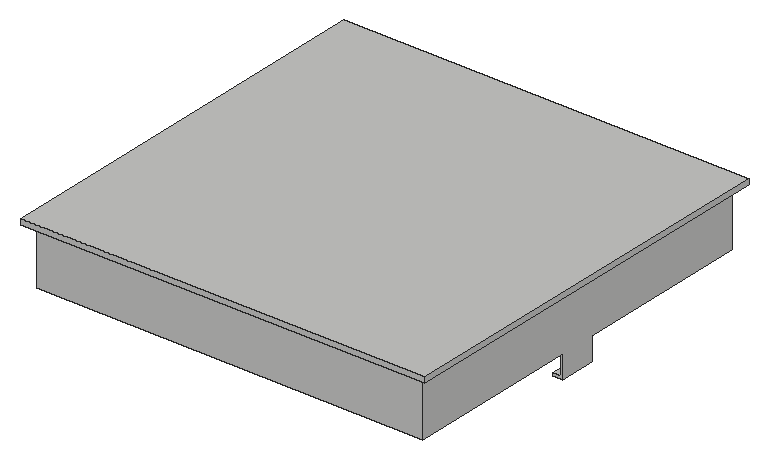
Revit family "Access_Panel-Wall_Ceiling_Door-Activar-Interior_Access-FDW", category Doors, host Face, Revit 2012
Parameters (values of type "See Type Catalog")
  ecoScorecard_data = ""
  ecoScorecard Product Page = "http://ecoscorecard.com/"
  Width = 14"
  Warranty URL = "http://www.activarcpg.com/sites/default/files/warranty/jl-industries/JL%20AP%20Warranty.pdf"
  URL = "http://www.activarcpg.com/"
  Submittal URL = "http://www.activarcpg.com/sites/default/files/submittals/JL/Access%20Panels/Access%20Panel_FDW_and_FDP_Submittal.pdf"
  Subcategory = "Access Panels"
  Shipping Weight = 6.00 lbf
  Rough Width = 13 5/8"
  Rough Height = 13 5/8"
  Product Page URL = "http://www.activarcpg.com/jl-industries/product/fdw"
  Product Line = "Fire-Rated Access Panels"
  Panel Type Use = "Wallboard Bead (Wall or Ceiling)"
  Options = "Additional Colors, Galvanized Finish, Mortise Slam Lock Prep (U3) or Mortise Slam Lock Installed (U4)."  # constant formula
  Opening Gap = 1/8"  # constant formula
  Number of Latches = 1
  Model = "FDW-0808UW"
  Manufacturer Toll Free Phone = "800-554-6077"
  Manufacturer Phone = "952-835-6850"
  Manufacturer Fax = "952-835-2218"
  Manufacturer Email = "mailto:Sales@activarcpg.com"
  Manufacturer Address = "9702 Newton Av S, Bloomington MN 55431"  # constant formula
  Manufacturer = "Activar Construction Products Group"  # constant formula
  Maitenance URL = "http://www.activarcpg.com/sites/default/files/products/TechnicalInformation/Access%20Panel%20Cleaning%20%26%20Maintenance%20Inst.pdf"
  Installation URL = "https://www.activarcpg.com/sites/default/files/InstallationMaint/JL/Access_Panel_TM_Installation.pdf"
  Height = 14"
  Hardware = "Universal turn ring and key lock (U)."
  Frame = "16 gauge with 1” drywall bead that can be taped for a smooth appearance."
  Fire Rating Wall Installation = "1-1/2 hour UL“B” label in a 2 hour fire barrier. File # R13067-1. Maximum size 48” x 48”."
  Fire Rating Ceiling Installation = "Warnock Hersey listed for ceiling installations with 3 hour non-combustible rating or 1 hour combustible rating. File # WHI-495-PSH-0163. Maximum size 24” x 36”"
  Finish [instance] = Paint - Activar - Gray Powder Coat Primer
  Drywall Bead Installation = yes
  Door = "2” thick, insulated 20 gauge steel with continuous hinge."
  Description = "Fire-Rated & Insulated Concealed Frame Access Panel"
  Default Elevation = 48"
  Custom Size Note = "Custom sizes are available.  Contact manufacturer for availability."  # constant formula
  Cost Info = "mailto:Sales@activarcpg.com"
  Color Availability = "Red (R), Black (BK), Flat Black (FB), Sand (S), AMS Beige (AB), SC Flat Beige (SB), Gray (G), Bronze (B), Silver (SI)"
  CSFM = "This product has been approved by the California State Fire Marshall (CSFM) pursuant to Section 13144.1 of the California Health and Safety Code. See CSFM Listing No 3330-1223:101 for allowable values and/or "
  Assembly Code = "C1020700"
  Anchors Available = "Masonry Anchors Standard"  # constant formula
  Additional Info URL = "http://www.activarcpg.com/sites/default/files/Specifications/Access%20Panels.doc"
  95 CSI = "08310"
  04 CSI = "08 31 16"
Reference planes (in)
  plane 1 "Center (Front/Back)": y = 0
  plane 2 "Not Reference": z = 0
  plane 3 "Center (Left/Right)": x = 0
  plane 4 "Left Opening": x = -6.8125
  plane 5 "Right Opening": x = 6.8125
  plane 6 "Back Opening": y = 6.8125
  plane 7 "Front Opening": y = -6.8125
  plane 8 "Host Level": z = 0
  plane 9 "Front Door": z = 0.1875
  plane 10 "Box Depth": z = -2
  plane 11 "Top": y = 7
  plane 12 "Base": y = -7
  plane 13 "Left": x = -7
  plane 14 "Right": x = 7
  plane 15: x = -6.6875
  plane 16: x = 6.6875
  plane 17: y = 6.6875
  plane 18: y = -6.6875
  plane 19: x = 5.59375
  plane 20 "Void Depth": z = -26
Forms (in)
  Extrusion 1, void
    sketch origin (0, 0, 0) x (1, 0, 0) y (0, 1, 0)
      loop
        line (-6.8125, 6.8125) -> (-6.8125, -6.8125) -> (6.8125, -6.8125) -> (6.8125, 6.8125) -> (-6.8125, 6.8125)
    from 0 to -26
  Extrusion 2, solid, material "Paint - Activar - Gray Powder Coat Primer" <- "Finish"
    sketch origin (0, 0, 0) x (1, 0, 0) y (0, 1, 0)
      loop
        line (-7, 7) -> (-7, -7) -> (7, -7) -> (7, 7) -> (-7, 7)
    from 0 to 0.1875
  Extrusion 3, solid, material "Paint - Activar - Gray Powder Coat Primer" <- "Finish"
    sketch origin (0, 0, 0) x (1, 0, 0) y (0, 1, 0)
      loop
        line (-6.6875, 6.6875) -> (-6.6875, -6.6875) -> (6.6875, -6.6875) -> (6.6875, 6.6875) -> (-6.6875, 6.6875)
    from -2 to 0
  Extrusion 4, solid, material "Paint - Activar - Gray Powder Coat Primer" <- "Finish"
    sketch origin (-0.16166, 0, 0.00326) x (1, 0, 0) y (0, 0, 1)
      loop
        line (6.84916, -2.00326) -> (6.76689, -2.00326) -> (6.76689, -2.72507) -> (6.51689, -2.72507) -> (6.51689, -2.81299) -> (6.84916, -2.81299) -> (6.84916, -2.00326)
    from -0.62189 to 0.63193
Cuts and joins
  joined: Extrusion 3, Extrusion 4
Lines and regions (in)
  Masking region 1
    outline origin (0, 0, 0) x (1, 0, 0) y (0, 0, 1)
      loop
        line (-7, 0.1875) -> (-7, 0) -> (-6.6875, 0) -> (-6.6875, -2.80973) -> (-6.35523, -2.80973) -> (-6.35523, -2.72181) -> (-6.60523, -2.72181) -> (-6.60523, -2) -> (6.60523, -2) -> (6.60523, -2.72181) -> (5.66773, -2.72181) -> (5.66773, -2.80973) -> (6.6875, -2.80973) -> (6.6875, 0) -> (7, 0) -> (7, 0.1875) -> (-7, 0.1875)
  Masking region 2
    outline origin (0, 0, 0) x (1, 0, 0) y (0, 1, 0)
      loop
        line (-7, 7) -> (-7, -7) -> (7, -7) -> (7, 7) -> (-7, 7)
  model lines, detail levels medium+fine
    curve 1: line (-6.6875, 6.6875, 0.1875) -> (6.6875, 6.6875, 0.1875)
    curve 2: line (-6.6875, -6.6875, 0.1875) -> (-6.6875, 6.6875, 0.1875)
    curve 3: line (6.6875, -6.6875, 0.1875) -> (-6.6875, -6.6875, 0.1875)
    curve 4: line (6.6875, 6.6875, 0.1875) -> (6.6875, -6.6875, 0.1875)
  symbolic lines, detail levels medium+fine
    curve 5: line (-6.8125, 0, 0) -> (6.8125, 0, 0)
    curve 6: line (-6.6875, -6.6875, 0) -> (-6.6875, 6.6875, 0)
    curve 7: line (-6.6875, 6.6875, 0) -> (6.6875, 6.6875, 0)
    curve 8: line (6.6875, 6.6875, 0) -> (6.6875, -6.6875, 0)
    curve 9: line (6.6875, -6.6875, 0) -> (-6.6875, -6.6875, 0)
  model lines, detail levels fine
    curve 10: circle (5.59375, 0, 0.1875) r 0.33333 normal (0, 0, 1)
    curve 11: line (5.26139, -0.02549, 0.1875) -> (5.92611, -0.02549, 0.1875)
    curve 12: line (5.26139, 0.02549, 0.1875) -> (5.92611, 0.02549, 0.1875)
  symbolic lines, detail levels fine
    curve 13: circle (5.59375, 0, 0) r 0.33333 normal (0, 0, 1)
    curve 14: line (5.26139, 0.02549, 0) -> (5.92611, 0.02549, 0)
    curve 15: line (5.26139, -0.02549, 0) -> (5.92611, -0.02549, 0)
    curve 16: line (-6.6875, 0, -2) -> (6.6875, 0, -2)
  symbolic lines
    curve 17: line (-6.6875, 7, 0) -> (-6.6875, 7, -2)
    curve 18: line (6.6875, 7, 0) -> (6.6875, 7, -2)
Dimensions and locks (in)
  equal spacing: plane 4 "Left Opening", plane 3 "Center (Left/Right)", plane 5 "Right Opening"
  equal spacing: plane 6 "Back Opening", plane 1 "Center (Front/Back)", plane 7 "Front Opening"
  "Rough Width": plane 4 "Left Opening" to plane 5 "Right Opening"
  "Rough Height": plane 6 "Back Opening" to plane 7 "Front Opening"
  locked: plane 9 "Front Door" to plane 8 "Host Level" at 0.1875
  locked: plane 8 "Host Level" to plane 10 "Box Depth" at 2
  locked: plane 19 to plane 5 "Right Opening" at 1.21875
  "Opening Gap": plane 16 to plane 5 "Right Opening"
  "Opening Gap": plane 4 "Left Opening" to plane 15
  "Opening Gap": plane 6 "Back Opening" to plane 17
  "Opening Gap": plane 18 to plane 7 "Front Opening"
  plane 10 "Box Depth" to plane 20 "Void Depth" = 24"
  locked: plane 16 to Extrusion 4 sketch curve at 0.08227
  plane 10 "Box Depth" to Extrusion 4 sketch curve to Extrusion 4 sketch curve = 0.72181" locked, 0.08792" locked
  locked: plane 16 to Extrusion 4 sketch curve at 0.33227
  locked: plane 11 "Top" to plane 17 at 0.3125
  locked: plane 18 to plane 12 "Base" at 0.3125
  locked: plane 13 "Left" to plane 15 at 0.3125
  locked: plane 16 to plane 14 "Right" at 0.3125
  aligned and locked: plane 2 "Not Reference" to host face
  aligned and locked: level to host face
  aligned and locked: plane 2 "Not Reference" to Extrusion 1
  aligned and locked: Extrusion 2 sketch curve to plane 14 "Right"
  aligned and locked: Extrusion 2 sketch curve to plane 11 "Top"
  aligned and locked: plane 13 "Left" to Extrusion 2 sketch curve
  aligned and locked: plane 12 "Base" to Extrusion 2 sketch curve
  aligned and locked: plane 9 "Front Door" to Extrusion 2
  aligned and locked: Extrusion 2 to plane 8 "Host Level"
  aligned and locked: plane 8 "Host Level" to Extrusion 3
  aligned and locked: Extrusion 3 to plane 10 "Box Depth"
  aligned and locked: plane 15 to curve 2
  aligned and locked: curve 4 to plane 16
  aligned and locked: plane 18 to curve 3
  aligned and locked: Extrusion 2 to plane 13 "Left"
  aligned and locked: plane 11 "Top" to Extrusion 2
  aligned and locked: plane 14 "Right" to Extrusion 2
  aligned and locked: Extrusion 2 to plane 12 "Base"
  aligned and locked: Extrusion 2 to plane 9 "Front Door"
  aligned and locked: Masking region 1 to plane 13 "Left"
  aligned and locked: Masking region 1 to plane 8 "Host Level"  (x2)
  aligned and locked: plane 14 "Right" to Masking region 1
  aligned and locked: plane 9 "Front Door" to Masking region 1
  aligned and locked: plane 2 "Not Reference" to plane 8 "Host Level"
  aligned and locked: plane 1 "Center (Front/Back)" to curve 10
  aligned and locked: plane 19 to curve 10
  aligned and locked: curve 13 to curve 10
  aligned and locked: curve 14 to curve 12
  aligned and locked: curve 15 to curve 11
  aligned and locked: Masking region 1 sketch curve to plane 9 "Front Door"
  aligned and locked: curve 16 to plane 10 "Box Depth"
  aligned and locked: plane 12 "Base" to Masking region 2 sketch curve
  aligned and locked: plane 13 "Left" to Masking region 2 sketch curve
  aligned and locked: plane 18 to curve 9
  aligned and locked: plane 15 to curve 6
  aligned and locked: curve 8 to plane 16
  aligned and locked: Masking region 2 sketch curve to plane 11 "Top"
  aligned and locked: plane 13 "Left" to Masking region 1 sketch curve
  aligned and locked: Masking region 1 sketch curve to plane 14 "Right"
  aligned and locked: plane 8 "Host Level" to Masking region 1 sketch curve  (x2)
  aligned and locked: Extrusion 1 to plane 20 "Void Depth"
  aligned and locked: curve 7 to plane 17
  aligned and locked: plane 8 "Host Level" to curve 17
  aligned and locked: plane 10 "Box Depth" to curve 17
  aligned and locked: curve 17 to plane 15
  aligned and locked: curve 18 to plane 16
  aligned and locked: plane 8 "Host Level" to curve 18
  aligned and locked: plane 10 "Box Depth" to curve 18
  aligned and locked: Extrusion 4 sketch curve to plane 16
  aligned and locked: Extrusion 4 sketch curve to plane 10 "Box Depth"
  aligned and locked: plane 10 "Box Depth" to Masking region 1 sketch curve
  aligned and locked: plane 15 to Masking region 1 sketch curve
  aligned and locked: Masking region 1 sketch curve to plane 16
  aligned and locked: Extrusion 1 sketch curve to plane 6 "Back Opening"
  aligned and locked: Extrusion 1 sketch curve to plane 5 "Right Opening"
  aligned and locked: plane 4 "Left Opening" to Extrusion 1 sketch curve
  aligned and locked: plane 7 "Front Opening" to Extrusion 1 sketch curve
  aligned and locked: plane 15 to curve 16
  aligned and locked: plane 16 to curve 16
  aligned and locked: plane 15 to Extrusion 3 sketch curve
  aligned and locked: plane 18 to Extrusion 3 sketch curve
  aligned and locked: Extrusion 3 sketch curve to plane 17
  aligned and locked: Extrusion 3 sketch curve to plane 16
  aligned and locked: nested 1 to plane 15
  aligned and locked: nested 1 to plane 16
  aligned and locked: plane 8 "Host Level" to nested 1
Automatic sketch dimensions
  host sketch curve to host sketch curve = 28.08439"
  host sketch curve to host sketch curve = 28.14945"
  curve 1 to plane 17 = 0"
  curve 12 to plane 1 "Center (Front/Back)" = 0.02549"
  plane 19 to curve 12 = 0.33236"
  plane 1 "Center (Front/Back)" to curve 11 = 0.02549"
  Masking region 2 sketch curve to plane 14 "Right" = 0"
  curve 5 to level = 0"
  curve 5 to plane 4 "Left Opening" = 0"
  curve 5 to plane 5 "Right Opening" = 0"
  plane 15 to Masking region 1 sketch curve = 0.08227"
  Masking region 1 sketch curve to Masking region 1 sketch curve = 1/4"
  plane 19 to Masking region 1 sketch curve = 0.07398"
  Masking region 1 sketch curve to plane 16 = 0.08227"
  Masking region 1 sketch curve to Masking region 1 sketch curve = 0.72181"  (x2)
  Masking region 1 sketch curve to Masking region 1 sketch curve = 0.08792"  (x2)
Nested families (in)
  nested 1: "Access_Panel-Door-Plan_Swing-2D" at (0, 7, 0) x (1, 0, 0) z (0, 1, 0), type "Access_Panel-Door-Plan_Swing-2D"
    with Door Width 13 3/8"
Definition of nested family "Access_Panel-Door-Plan_Swing-2D"
  Parameters (values of type "Access_Panel-Door-Plan_Swing-2D")
    Door Width [instance] = 13 1/2"
  Reference planes (in)
    plane 1 "Center (Front/Back)": y = 0
    plane 2: z = 0
    plane 3 "Center (Left/Right)": x = 0
    plane 4: x = -6.75
    plane 5: x = 6.75
  Lines and regions (in)
    detail lines, in view "Ref. Level"
      curve 1: line (-6.75, 0, 0) -> (-6.75, 13.5, 0)
      curve 2: arc (-6.75, 13.5, 0) -> (2.79594, 9.54594, 0) -> (6.75, 0, 0) r 13.5
  Dimensions and locks (in)
    equal spacing: plane 4, plane 3 "Center (Left/Right)", plane 5
    "Door Width": plane 4 to plane 5
    aligned and locked: plane 1 "Center (Front/Back)" to curve 2  (x2)
    aligned and locked: plane 4 to curve 2  (x2)
    aligned and locked: plane 1 "Center (Front/Back)" to curve 1
    aligned and locked: plane 5 to curve 2
    aligned and locked: plane 4 to curve 1
Types in the file's own list only (44): name | Width | Shipping Weight | Rough Width | Rough Height | Number of Latches | Model | Height | CSFM
  Wall, 2 Hour Vertical Fire Barrier, 8  x 8 | 10" | 6.00 lb | 8 3/8" | 8 3/8" | 1 | "FDW-0808UW" | 10" | "This product has been approved by the California State Fire Marshall (CSFM) pursuant to Section 13144.1 of the California Health and Safety Code. See CSFM Listing No 3330-1223:101 for allowable values and/or"
  Wall, 2 Hour Vertical Fire Barrier, 10  x 10 | 12" | 8.00 lb | 10 3/8" | 10 3/8" | 1 | "FDW-1010UW" | 12" | "This product has been approved by the California State Fire Marshall (CSFM) pursuant to Section 13144.1 of the California Health and Safety Code. See CSFM Listing No 3330-1223:101 for allowable values and/or"
  Wall, 2 Hour Vertical Fire Barrier, 12  x 12 | 14" | 10.00 lb | 12 3/8" | 12 3/8" | 1 | "FDW-1212UW" | 14" | "This product has been approved by the California State Fire Marshall (CSFM) pursuant to Section 13144.1 of the California Health and Safety Code. See CSFM Listing No 3330-1223:101 for allowable values and/or"
  Wall, 2 Hour Vertical Fire Barrier, 14  x 14 | 16" | 12.00 lb | 14 3/8" | 14 3/8" | 1 | "FDW-1414UW" | 16" | "This product has been approved by the California State Fire Marshall (CSFM) pursuant to Section 13144.1 of the California Health and Safety Code. See CSFM Listing No 3330-1223:101 for allowable values and/or"
  Wall, 2 Hour Vertical Fire Barrier, 16  x 16 | 18" | 15.00 lb | 16 3/8" | 16 3/8" | 1 | "FDW-1616UW" | 18" | "This product has been approved by the California State Fire Marshall (CSFM) pursuant to Section 13144.1 of the California Health and Safety Code. See CSFM Listing No 3330-1223:101 for allowable values and/or"
  Wall, 2 Hour Vertical Fire Barrier, 18  x 18 | 20" | 17.00 lb | 18 3/8" | 18 3/8" | 1 | "FDW-1818UW" | 20" | "This product has been approved by the California State Fire Marshall (CSFM) pursuant to Section 13144.1 of the California Health and Safety Code. See CSFM Listing No 3330-1223:101 for allowable values and/or"
  Wall, 2 Hour Vertical Fire Barrier, 20  x 20 | 22" | 21.00 lb | 20 3/8" | 20 3/8" | 1 | "FDW-2020UW" | 22" | "This product has been approved by the California State Fire Marshall (CSFM) pursuant to Section 13144.1 of the California Health and Safety Code. See CSFM Listing No 3330-1223:101 for allowable values and/or"
  Wall, 2 Hour Vertical Fire Barrier, 20  x 30 | 22" | 28.00 lb | 20 3/8" | 30 3/8" | 1 | "FDW-2030UW" | 32" | "This product has been approved by the California State Fire Marshall (CSFM) pursuant to Section 13144.1 of the California Health and Safety Code. See CSFM Listing No 3330-1223:101 for allowable values and/or"
  Wall, 2 Hour Vertical Fire Barrier, 22  x 22 | 24" | 26.00 lb | 22 3/8" | 22 3/8" | 1 | "FDW-2222UW" | 24" | "This product has been approved by the California State Fire Marshall (CSFM) pursuant to Section 13144.1 of the California Health and Safety Code. See CSFM Listing No 3330-1223:101 for allowable values and/or"
  Wall, 2 Hour Vertical Fire Barrier, 22  x 30 | 24" | 29.00 lb | 22 3/8" | 30 3/8" | 1 | "FDW-2230UW" | 32" | "This product has been approved by the California State Fire Marshall (CSFM) pursuant to Section 13144.1 of the California Health and Safety Code. See CSFM Listing No 3330-1223:101 for allowable values and/or"
  Wall, 2 Hour Vertical Fire Barrier, 22  x 36 | 24" | 36.00 lb | 22 3/8" | 36 3/8" | 2 | "FDW-2236UW" | 38" | "This product has been approved by the California State Fire Marshall (CSFM) pursuant to Section 13144.1 of the California Health and Safety Code. See CSFM Listing No 3330-1223:101 for allowable values and/or"
  Wall, 2 Hour Vertical Fire Barrier, 24  x 24 | 26" | 27.00 lb | 24 3/8" | 24 3/8" | 1 | "FDW-2424UW" | 26" | "This product has been approved by the California State Fire Marshall (CSFM) pursuant to Section 13144.1 of the California Health and Safety Code. See CSFM Listing No 3330-1223:101 for allowable values and/or"
  Wall, 2 Hour Vertical Fire Barrier, 24  x 36 | 26" | 37.00 lb | 24 3/8" | 36 3/8" | 2 | "FDW-2436UW" | 38" | "This product has been approved by the California State Fire Marshall (CSFM) pursuant to Section 13144.1 of the California Health and Safety Code. See CSFM Listing No 3330-1223:101 for allowable values and/or"
  Wall, 2 Hour Vertical Fire Barrier, 24  x 48 | 26" | 54.00 lb | 24 3/8" | 48 3/8" | 2 | "FDW-2448UW" | 50" | "This product has been approved by the California State Fire Marshall (CSFM) pursuant to Section 13144.1 of the California Health and Safety Code. See CSFM Listing No 3330-1223:101 for allowable values and/or"
  Wall, 2 Hour Vertical Fire Barrier, 30  x 30 | 32" | 38.00 lb | 30 3/8" | 30 3/8" | 2 | "FDW-3030UW" | 32" | "This product has been approved by the California State Fire Marshall (CSFM) pursuant to Section 13144.1 of the California Health and Safety Code. See CSFM Listing No 3330-1223:101 for allowable values and/or"
  Wall, 2 Hour Vertical Fire Barrier, 32  x 32 | 34" | 43.00 lb | 32 3/8" | 32 3/8" | 2 | "FDW-3232UW" | 34" | "This product has been approved by the California State Fire Marshall (CSFM) pursuant to Section 13144.1 of the California Health and Safety Code. See CSFM Listing No 3330-1223:101 for allowable values and/or"
  Wall, 2 Hour Vertical Fire Barrier, 36  x 36 | 38" | 52.00 lb | 36 3/8" | 36 3/8" | 2 | "FDW-3636UW" | 38" | "This product has been approved by the California State Fire Marshall (CSFM) pursuant to Section 13144.1 of the California Health and Safety Code. See CSFM Listing No 3330-1223:101 for allowable values and/or"
  Wall, 2 Hour Vertical Fire Barrier, 36  x 48 | 38" | 61.00 lb | 36 3/8" | 48 3/8" | 2 | "FDW-3648UW" | 50" | "This product has been approved by the California State Fire Marshall (CSFM) pursuant to Section 13144.1 of the California Health and Safety Code. See CSFM Listing No 3330-1223:101 for allowable values and/or"
  Ceiling, 1 Hour Combustible, 8  x 8 | 10" | 6.00 lb | 8 3/8" | 8 3/8" | 1 | "FDW-0808UW" | 10" | "This product has been approved by the California State Fire Marshall (CSFM) pursuant to Section 13144.1 of the California Health and Safety Code. See CSFM Listing No 3330-1223:101 for allowable values and/or"
  Ceiling, 1 Hour Combustible, 10  x 10 | 12" | 8.00 lb | 10 3/8" | 10 3/8" | 1 | "FDW-1010UW" | 12" | "This product has been approved by the California State Fire Marshall (CSFM) pursuant to Section 13144.1 of the California Health and Safety Code. See CSFM Listing No 3330-1223:101 for allowable values and/or"
  Ceiling, 1 Hour Combustible, 12  x 12 | 14" | 10.00 lb | 12 3/8" | 12 3/8" | 1 | "FDW-1212UW" | 14" | "This product has been approved by the California State Fire Marshall (CSFM) pursuant to Section 13144.1 of the California Health and Safety Code. See CSFM Listing No 3330-1223:101 for allowable values and/or"
  Ceiling, 1 Hour Combustible, 14  x 14 | 16" | 12.00 lb | 14 3/8" | 14 3/8" | 1 | "FDW-1414UW" | 16" | "This product has been approved by the California State Fire Marshall (CSFM) pursuant to Section 13144.1 of the California Health and Safety Code. See CSFM Listing No 3330-1223:101 for allowable values and/or"
  Ceiling, 1 Hour Combustible, 16  x 16 | 18" | 15.00 lb | 16 3/8" | 16 3/8" | 1 | "FDW-1616UW" | 18" | "This product has been approved by the California State Fire Marshall (CSFM) pursuant to Section 13144.1 of the California Health and Safety Code. See CSFM Listing No 3330-1223:101 for allowable values and/or"
  Ceiling, 1 Hour Combustible, 18  x 18 | 20" | 17.00 lb | 18 3/8" | 18 3/8" | 1 | "FDW-1818UW" | 20" | "This product has been approved by the California State Fire Marshall (CSFM) pursuant to Section 13144.1 of the California Health and Safety Code. See CSFM Listing No 3330-1223:101 for allowable values and/or"
  Ceiling, 1 Hour Combustible, 20  x 20 | 22" | 21.00 lb | 20 3/8" | 20 3/8" | 1 | "FDW-2020UW" | 22" | "This product has been approved by the California State Fire Marshall (CSFM) pursuant to Section 13144.1 of the California Health and Safety Code. See CSFM Listing No 3330-1223:101 for allowable values and/or"
  Ceiling, 1 Hour Combustible, 20  x 30 | 22" | 28.00 lb | 20 3/8" | 30 3/8" | 1 | "FDW-2030UW" | 32" | "This product has been approved by the California State Fire Marshall (CSFM) pursuant to Section 13144.1 of the California Health and Safety Code. See CSFM Listing No 3330-1223:101 for allowable values and/or"
  Ceiling, 1 Hour Combustible, 22  x 22 | 24" | 26.00 lb | 22 3/8" | 22 3/8" | 1 | "FDW-2222UW" | 24" | "This product has been approved by the California State Fire Marshall (CSFM) pursuant to Section 13144.1 of the California Health and Safety Code. See CSFM Listing No 3330-1223:101 for allowable values and/or"
  Ceiling, 1 Hour Combustible, 22  x 30 | 24" | 29.00 lb | 22 3/8" | 30 3/8" | 1 | "FDW-2230UW" | 32" | "This product has been approved by the California State Fire Marshall (CSFM) pursuant to Section 13144.1 of the California Health and Safety Code. See CSFM Listing No 3330-1223:101 for allowable values and/or"
  Ceiling, 1 Hour Combustible, 22  x 36 | 24" | 36.00 lb | 22 3/8" | 36 3/8" | 2 | "FDW-2236UW" | 38" | "This product has been approved by the California State Fire Marshall (CSFM) pursuant to Section 13144.1 of the California Health and Safety Code. See CSFM Listing No 3330-1223:101 for allowable values and/or"
  Ceiling, 1 Hour Combustible, 24  x 24 | 26" | 27.00 lb | 24 3/8" | 24 3/8" | 1 | "FDW-2424UW" | 26" | "This product has been approved by the California State Fire Marshall (CSFM) pursuant to Section 13144.1 of the California Health and Safety Code. See CSFM Listing No 3330-1223:101 for allowable values and/or"
  Ceiling, 1 Hour Combustible, 24  x 36 | 26" | 37.00 lb | 24 3/8" | 36 3/8" | 2 | "FDW-2436UW" | 38" | "This product has been approved by the California State Fire Marshall (CSFM) pursuant to Section 13144.1 of the California Health and Safety Code. See CSFM Listing No 3330-1223:101 for allowable values and/or"
  Ceiling, 3 Hour Non_Combustible, 8  x 8 | 10" | 6.00 lb | 9 5/8" | 9 5/8" | 1 | "FDW-0808UW" | 10" | "This product has been approved by the California State Fire Marshall (CSFM) pursuant to Section 13144.1 of the California Health and Safety Code. See CSFM Listing No 3330-1223:101 for allowable values and/or"
  Ceiling, 3 Hour Non_Combustible, 10  x 10 | 12" | 8.00 lb | 11 5/8" | 11 5/8" | 1 | "FDW-1010UW" | 12" | "This product has been approved by the California State Fire Marshall (CSFM) pursuant to Section 13144.1 of the California Health and Safety Code. See CSFM Listing No 3330-1223:101 for allowable values and/or"
  Ceiling, 3 Hour Non_Combustible, 12  x 12 | 14" | 10.00 lb | 13 5/8" | 13 5/8" | 1 | "FDW-1212UW" | 14" | "This product has been approved by the California State Fire Marshall (CSFM) pursuant to Section 13144.1 of the California Health and Safety Code. See CSFM Listing No 3330-1223:101 for allowable values and/or"
  Ceiling, 3 Hour Non_Combustible, 14  x 14 | 16" | 12.00 lb | 15 5/8" | 15 5/8" | 1 | "FDW-1414UW" | 16" | "This product has been approved by the California State Fire Marshall (CSFM) pursuant to Section 13144.1 of the California Health and Safety Code. See CSFM Listing No 3330-1223:101 for allowable values and/or"
  Ceiling, 3 Hour Non_Combustible, 16  x 16 | 18" | 15.00 lb | 17 5/8" | 17 5/8" | 1 | "FDW-1616UW" | 18" | "This product has been approved by the California State Fire Marshall (CSFM) pursuant to Section 13144.1 of the California Health and Safety Code. See CSFM Listing No 3330-1223:101 for allowable values and/or"
  Ceiling, 3 Hour Non_Combustible, 18  x 18 | 20" | 17.00 lb | 19 5/8" | 19 5/8" | 1 | "FDW-1818UW" | 20" | "This product has been approved by the California State Fire Marshall (CSFM) pursuant to Section 13144.1 of the California Health and Safety Code. See CSFM Listing No 3330-1223:101 for allowable values and/or"
  Ceiling, 3 Hour Non_Combustible, 20  x 20 | 22" | 21.00 lb | 21 5/8" | 21 5/8" | 1 | "FDW-2020UW" | 22" | "This product has been approved by the California State Fire Marshall (CSFM) pursuant to Section 13144.1 of the California Health and Safety Code. See CSFM Listing No 3330-1223:101 for allowable values and/or"
  Ceiling, 3 Hour Non_Combustible, 20  x 30 | 22" | 28.00 lb | 21 5/8" | 31 5/8" | 1 | "FDW-2030UW" | 32" | "This product has been approved by the California State Fire Marshall (CSFM) pursuant to Section 13144.1 of the California Health and Safety Code. See CSFM Listing No 3330-1223:101 for allowable values and/or"
  Ceiling, 3 Hour Non_Combustible, 22  x 22 | 24" | 26.00 lb | 23 5/8" | 23 5/8" | 1 | "FDW-2222UW" | 24" | "This product has been approved by the California State Fire Marshall (CSFM) pursuant to Section 13144.1 of the California Health and Safety Code. See CSFM Listing No 3330-1223:101 for allowable values and/or"
  Ceiling, 3 Hour Non_Combustible, 22  x 30 | 24" | 29.00 lb | 23 5/8" | 31 5/8" | 1 | "FDW-2230UW" | 32" | "This product has been approved by the California State Fire Marshall (CSFM) pursuant to Section 13144.1 of the California Health and Safety Code. See CSFM Listing No 3330-1223:101 for allowable values and/or"
  Ceiling, 3 Hour Non_Combustible, 22  x 36 | 24" | 36.00 lb | 23 5/8" | 37 5/8" | 2 | "FDW-2236UW" | 38" | "This product has been approved by the California State Fire Marshall (CSFM) pursuant to Section 13144.1 of the California Health and Safety Code. See CSFM Listing No 3330-1223:101 for allowable values and/or"
  Ceiling, 3 Hour Non_Combustible, 24  x 24 | 26" | 27.00 lb | 25 5/8" | 25 5/8" | 1 | "FDW-2424UW" | 26" | "This product has been approved by the California State Fire Marshall (CSFM) pursuant to Section 13144.1 of the California Health and Safety Code. See CSFM Listing No 3330-1223:101 for allowable values and/or"
  Ceiling, 3 Hour Non_Combustible, 24  x 36 | 26" | 37.00 lb | 25 5/8" | 37 5/8" | 2 | "FDW-2436UW" | 38" | "This product has been approved by the California State Fire Marshall (CSFM) pursuant to Section 13144.1 of the California Health and Safety Code. See CSFM Listing No 3330-1223:101 for allowable values and/or"
